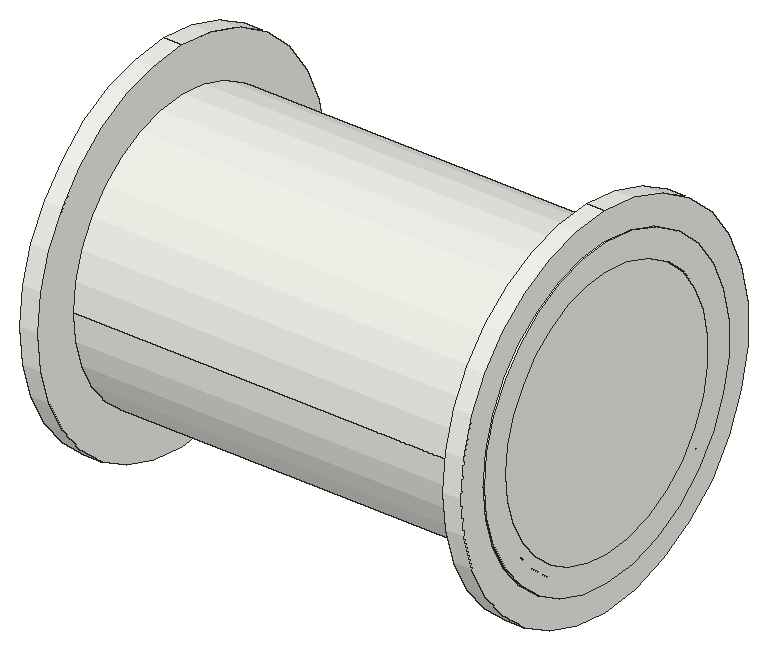
Revit family "FoFo_Toco", category Pipe Fittings, Revit 2025
Family settings
  Round Connector Dimension = Use Radius
  Part Type = Union
  OmniClass Number = 23.60.30.11.14
  OmniClass Title = Pipework Fittings
  Work Plane-Based = Yes
  Always vertical = No
  Cut with Voids When Loaded = No
  Shared = No
Parameters (values of type "TOFAV_10_0400")
  PN = "10"
  Manufacturer = "SGC"
  Loss Method = K Coefficient from Table
  K Coefficient Table = "Tee"
  Junta_1_Tipo = FoFo_Junta_Flange : FLA_10_0400
  Description = "Toco Flangeado"
  Default Elevation = 1219.2 mm
  DN = "400"
  Corpo_L = 700.0 mm
  Corpo_RE1 = 0.5 * Corpo_DE  # 214.5 mm
  Corpo_DE = 429.0 mm
Reference planes
  plane 1 "EixoP": y = 0
  plane 2: z = 0
  plane 3 "EixoS": x = 468.25
  plane 4 "EE": x = 118.25
  plane 5 "ED": x = 818.25
Forms (mm)
  Sweep 1, solid, material "FOFO"
    path origin (0, 0, 0) x (1, 0, 0) y (0, 1, 0)
      loop
        line (118.25, 0) -> (818.25, 0)
    profile origin (468.25, 0, 0) x (0, 1, 0) y (0, 0, 1)
      loop
        circle (0, 0) r 214.5
Dimensions and locks
  "Corpo_L": plane 4 "EE" to plane 5 "ED"
  equal spacing: plane 4 "EE", plane 3 "EixoS", plane 5 "ED"
  "Corpo_RE1": radius of Sweep 1 sketch curve
  aligned and locked: Sweep 1 sketch curve to plane 1 "EixoP"
  aligned and locked: plane 5 "ED" to Sweep 1 sketch curve
  aligned and locked: plane 4 "EE" to Sweep 1 sketch curve
Automatic sketch dimensions
  Sweep 1 sketch curve to level = 0.0 mm
  Sweep 1 sketch curve to profile plane = 0.0 mm
Nested families
  nested 1: "FoFo_Junta_Flange" at (818.25, 0, 0) x (0, 0, 1) z (1, 0, 0), type <- "Junta_1_Tipo", type "FLA_10_0400"
    with Furo_V 252.552 mm, Flange_RT 214.5 mm, Flange_RL 200.0 mm, Flange_RG 240.0 mm, Flange_RF 257.5 mm, Flange_RD 282.5 mm, Furo_Quant 16, Flange_MA 11.25°, Furo_H 50.236 mm, Flange_Diâmetro_Resalto 480.0 mm, Furo_Raio 12.0 mm, Furo_Diâmetro 24.0 mm, Flange_Diâmetro_Livre 400.0 mm, Flange_Diâmetro_Furação 515.0 mm, Flange_Diâmetro_Tubo 429.0 mm, Flange_Diâmetro_Externo 565.0 mm, Flange_Resalto 4.0 mm, Flange_Altura 28.0 mm
  nested 2: "FoFo_Junta_Flange" at (118.25, 0, 0) x (0, 0, 1) z (-1, 0, 0), type <- "Junta_1_Tipo", type "FLA_10_0400"
    with Furo_V 252.552 mm, Flange_RT 214.5 mm, Flange_RL 200.0 mm, Flange_RG 240.0 mm, Flange_RF 257.5 mm, Flange_RD 282.5 mm, Furo_Quant 16, Flange_MA 11.25°, Furo_H 50.236 mm, Flange_Diâmetro_Resalto 480.0 mm, Furo_Raio 12.0 mm, Furo_Diâmetro 24.0 mm, Flange_Diâmetro_Livre 400.0 mm, Flange_Diâmetro_Furação 515.0 mm, Flange_Diâmetro_Tubo 429.0 mm, Flange_Diâmetro_Externo 565.0 mm, Flange_Resalto 4.0 mm, Flange_Altura 28.0 mm
Definition of nested family "FoFo_Junta_Flange"
  Parameters (values of type "FLA_10_0080")
    PN = "10"
    Furo_V = Flange_RF * cos(Flange_MA)  # 73.91 mm
    Flange_RT = 0.5 * Flange_Diâmetro_Tubo  # 49.0 mm
    Flange_RL = 0.5 * Flange_Diâmetro_Livre  # 40.0 mm
    Flange_RG = 0.5 * Flange_Diâmetro_Resalto  # 66.0 mm
    Flange_RF = 0.5 * Flange_Diâmetro_Furação  # 80.0 mm
    Flange_RD = 0.5 * Flange_Diâmetro_Externo  # 100.0 mm
    Furo_Quant = 8
    Flange_MA = 0.5 * (360.00° / Furo_Quant)  # 22.50°
    Furo_H = Flange_RF * sin(Flange_MA)  # 30.615 mm
    Flange_Diâmetro_Resalto = 132.0 mm
    Furo_Raio = 0.5 * Furo_Diâmetro  # 8.0 mm
    Furo_Diâmetro = 16.0 mm
    Flange_Diâmetro_Livre = 80.0 mm
    Flange_Diâmetro_Furação = 160.0 mm
    Flange_Diâmetro_Tubo = 98.0 mm
    Flange_Diâmetro_Externo = 200.0 mm
    Flange_Resalto = 3.0 mm
    Flange_Altura = 19.0 mm
    Default Elevation = 0.0 mm
    DN = "80"
  Reference planes
    plane 1 "Centro (Frente/Trás)": y = 0
    plane 2: z = 0
    plane 3 "Centro (Esquerda/Direita)": x = 0
    plane 4: z = -3
    plane 5: z = -22
  Forms (mm)
    Extrusion 1, solid
      sketch origin (0, 0, 0) x (1, 0, 0) y (0, 1, 0)
        loop
          circle (0, 0) r 100
      from -22 to -3
    Extrusion 2, solid
      sketch origin (0, 0, 0) x (1, 0, 0) y (0, 1, 0)
        loop
          circle (0, 0) r 66
      from 0 to -3
    Extrusion 3, void
      sketch origin (0, 0, 0) x (1, 0, 0) y (0, 1, 0)
        loop
          circle (0, 0) r 40
      from 0 to -22
  Cuts and joins
    Extrusion 3 cuts Extrusion 1
    Extrusion 3 cuts Extrusion 2
    joined: Extrusion 1, Extrusion 2
  Lines and regions (mm)
    model lines
      curve 1: line (-40, 0, 0) -> (40, 0, 0)
      curve 2: line (0, 40, 0) -> (0, -40, 0)
  Dimensions and locks
    "Flange_Resalto": plane 2 to plane 4
    "Flange_Altura": plane 4 to plane 5
    "Flange_RD": radius of Extrusion 1 sketch curve
    "Flange_RG": radius of Extrusion 2 sketch curve
    "Flange_RL": radius of Extrusion 3 sketch curve
    aligned and locked: plane 2 to level
    aligned and locked: Extrusion 1 to plane 5
    aligned and locked: Extrusion 1 to Extrusion 3
    aligned and locked: cut or joined group of Extrusion 1, Extrusion 2, Extrusion 3 to plane 4
    aligned and locked: plane 4 to cut or joined group of Extrusion 1, Extrusion 2, Extrusion 3
  Automatic sketch dimensions
    plane 1 "Centro (Frente/Trás)" to curve 1 = 0.0 mm
    curve 1 to plane 3 "Centro (Esquerda/Direita)" = 40.0 mm
    plane 3 "Centro (Esquerda/Direita)" to curve 1 = 40.0 mm
    plane 1 "Centro (Frente/Trás)" to curve 2 = 40.0 mm
    curve 2 to plane 1 "Centro (Frente/Trás)" = 40.0 mm
    curve 2 to plane 3 "Centro (Esquerda/Direita)" = 0.0 mm
    plane 1 "Centro (Frente/Trás)" to Extrusion 1 sketch curve = 0.0 mm
    Extrusion 1 sketch curve to plane 3 "Centro (Esquerda/Direita)" = 0.0 mm
    plane 1 "Centro (Frente/Trás)" to Extrusion 2 sketch curve = 0.0 mm
    Extrusion 2 sketch curve to plane 3 "Centro (Esquerda/Direita)" = 0.0 mm
    plane 1 "Centro (Frente/Trás)" to Extrusion 3 sketch curve = 0.0 mm
    Extrusion 3 sketch curve to plane 3 "Centro (Esquerda/Direita)" = 0.0 mm
Types in the file's own list only (15): name | Junta_1_Tipo | DN | Corpo_RE1 | Corpo_DE
  TOFAV_10_0080 | FoFo_Junta_Flange : FLA_10_0080 | "80" | 49.0 mm | 98.0 mm
  TOFAV_10_0100 | FoFo_Junta_Flange : FLA_10_0100 | "100" | 59.0 mm | 118.0 mm
  TOFAV_10_0150 | FoFo_Junta_Flange : FLA_10_0150 | "150" | 85.0 mm | 170.0 mm
  TOFAV_10_0200 | FoFo_Junta_Flange : FLA_10_0200 | "200" | 111.0 mm | 222.0 mm
  TOFAV_10_0250 | FoFo_Junta_Flange : FLA_10_0250 | "250" | 137.0 mm | 274.0 mm
  TOFAV_10_0300 | FoFo_Junta_Flange : FLA_10_0300 | "300" | 163.0 mm | 326.0 mm
  TOFAV_10_0350 | FoFo_Junta_Flange : FLA_10_0350 | "350" | 189.0 mm | 378.0 mm
  TOFAV_10_0450 | FoFo_Junta_Flange : FLA_10_0450 | "450" | 240.0 mm | 480.0 mm
  TOFAV_10_0500 | FoFo_Junta_Flange : FLA_10_0500 | "500" | 266.0 mm | 532.0 mm
  TOFAV_10_0600 | FoFo_Junta_Flange : FLA_10_0600 | "600" | 317.5 mm | 635.0 mm
  TOFAV_10_0700 | FoFo_Junta_Flange : FLA_10_0700 | "700" | 369.0 mm | 738.0 mm
  TOFAV_10_0800 | FoFo_Junta_Flange : FLA_10_0800 | "800" | 421.0 mm | 842.0 mm
  TOFAV_10_0900 | FoFo_Junta_Flange : FLA_10_0900 | "900" | 472.5 mm | 945.0 mm
  TOFAV_10_1000 | FoFo_Junta_Flange : FLA_10_1000 | "1000" | 524.0 mm | 1048.0 mm
  TOFAV_10_1200 | FoFo_Junta_Flange : FLA_10_1200 | "1200" | 627.5 mm | 1255.0 mm
